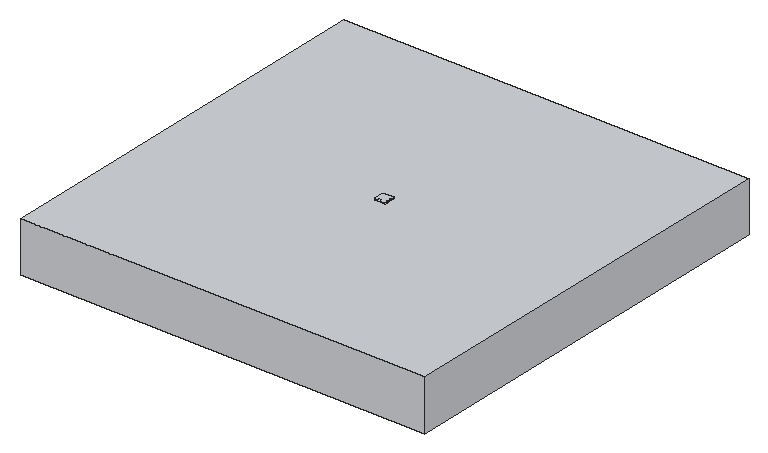
Revit family "Gira_540100rfa", category Allgemeines Modell, Revit 2017
Family settings
  Basisbauteil = Fläche
  Kann Basisbauteil für Bewehrung sein = Nein
  Bemaßung runder Anschluss = Durchmesser verwenden
  Teiletyp = Normal
  Beim Laden mit Abzugskörper schneiden = Nein
  Gemeinsam genutzt = Nein
  Raumberechnungspunkt = Nein
Parameters
  With memory function = no
  With glass breaking detector connection = no
  With brightness sensor connection = no
  With Astro program = no
  Default Elevation = 1219.2 mm
  URL = "https://www.gira.de/"
  Typname = "S3000 uni.LED dimm.ins. Komfort Insert"
  Type of load = "Universal and LED Retrofit"
  Type of fastening = "Mounting with claw and screw"
  Transparent = no
  Through loss at 860 MHz [B] = 0.1
  Through loss at 2150 MHz [B] = 0.1
  Switch-off protection = no
  Surface protection = "Other"
  Surface finishing = "Not applicable"
  Suitable for wind sensor = no
  Suitable for rain sensor = no
  Suitable for degree of protection (IP) = "IP20"
  Substation input = yes
  Shielded housing = no
  Shielded buses = yes
  Serial dimmer = no
  Separate strain relief = yes
  Random generator = no
  Productwebsite = "http://katalog.gira.de/en/datenblatt.html?artikelnr=540100"
  Nominal voltage [Volt] 3 = "[230:230]"
  Nominal voltage [Volt] 2 = "[230:230]"
  Nominal voltage [Volt] = 230
  Mounting method shielding connection = "Screw"
  Mounting method = "Flush mounted (plaster)"
  Model = "Loop-through socket"
  Method of operation = "Turn/push button"
  Mechanical coding = no
  Max. switching power [Voltampere] = 1000
  Material quality = "Other"
  Material = "Other"
  Light value memory = yes
  Integrated timer = no
  Hersteller = "Gira"
  Halogen free = no
  HAN = "540100"
  GTIN = "4010337048268"
  Frequency [Hz] = "[50:60]"
  Dimming phase cut-on = yes
  Dimming phase cut-off = yes
  Degree of protection (IP) = "IP20"
  Data sheet = "https://katalog.gira.de/en/download.html?artikelnr=540100"
  Connection type = "Screwed terminal"
  Colour = "Other"
  Category = "Other"
  Beschreibung = "S3000 Uni.LED dimm.ins.Kmf Ins.,System 3000 universal LED dimming insert Komfort,,,Features:,- Switching and dimming light bulbs, HV halogen lamps, electronic transformers for halogen or LED lamps, dimmable inductive transformers for halogen or LED lamps, HV LED or compact fluorescent lamps.,- Connecting auxiliary units is possible.,- Automatic or manual setting of dimming principle according to load (leading or trailing edge).,- Display of the selected operating mode using LED.,- Bulb-saving switch-on.,- Switch-on brightness can be saved permanently.,- Switch on with the last brightness set, or a saved switch-on brightness.,- Minimum brightness can be set.,- Electronic short-circuit protection.,- Electronic excess-temperature protection.,- Operation with and without neutral conductor connection.,,Notes :,- In general, operating the dimmer without connecting a neutral conductor is possible, although some LED and CFLi light sources require the neutral conductor connection to prevent flickering.,- For operation without a neutral conductor, the minimum load for light bulbs, HV halogen lamps, Gira Tronic transformers, and wound transformers increases to 50 W.,- Electronic transformers and ballast devices for LED lamps can be operated with the dimming procedure stated by the manufacturer.,- If the ambient temperature is higher than 25 C, the connected load must be reduced."
  BIM = "https://media.stage.bim.site/public/gira/290f3eb/Einsatz_1fach.rfa"
  Assembly arrangement = "Basic element"
  Applicable with transmission button = no
  Applicable with time switch/timer = no
  Applicable with presence indicator = no
  Applicable with movement sensor = no
  Applicable with infrared button = no
  Applicable with button = no
  App control via Bluetooth = no
Reference planes
  plane 1 "Center (Front/Back)": y = 0
  plane 2: z = 0
  plane 3 "Center (Left/Right)": x = 0
Forms (mm)
  Extrusion 1, solid
    sketch origin (0, 0, 0) x (1, 0, 0) y (0, 1, 0)
      loop
        line (-1219.2, 1219.2) -> (-1219.2, -1219.2) -> (1219.2, -1219.2) -> (1219.2, 1219.2) -> (-1219.2, 1219.2)
    from 0 to -304.8
  Extrusion 2, solid, detail levels fine
    sketch origin (0, 0, 0) x (1, 0, 0) y (0, 1, 0)
      loop
        line (27.475, 35.475) -> (-27.475, 35.475)
        arc (-27.475, 35.475) -> (-33.132, 33.132) -> (-35.475, 27.475) r 8
        line (-35.475, 27.475) -> (-35.475, -27.475)
        arc (-35.475, -27.475) -> (-33.132, -33.132) -> (-27.475, -35.475) r 8
        line (-27.475, -35.475) -> (27.475, -35.475)
        arc (27.475, -35.475) -> (33.132, -33.132) -> (35.475, -27.475) r 8
        line (35.475, -27.475) -> (35.475, 27.475)
        arc (35.475, 27.475) -> (33.132, 33.132) -> (27.475, 35.475) r 8
    from 0 to 1.8
  Extrusion 3, solid, detail levels fine
    sketch origin (0, 0, 0) x (1, 0, 0) y (0, 1, 0)
      loop
        line (9.678, 25.4) -> (-9.678, 25.4)
        arc (-9.678, 25.4) -> (-12.885, 24.922) -> (-15.814, 23.53) r 11
        arc (-15.814, 23.53) -> (-17.795, 22.07) -> (-19.641, 20.444) r 28.35
        arc (-19.641, 20.444) -> (-21.339, 18.665) -> (-22.876, 16.745) r 28.35
        arc (-22.876, 16.745) -> (-24.456, 13.666) -> (-25, 10.248) r 11
        line (-25, 10.248) -> (-25, -10.248)
        arc (-25, -10.248) -> (-24.456, -13.666) -> (-22.876, -16.745) r 11
        arc (-22.876, -16.745) -> (-20.409, -19.677) -> (-17.569, -22.25) r 28.35
        line (-17.569, -22.25) -> (17.569, -22.25)
        arc (17.569, -22.25) -> (20.409, -19.677) -> (22.876, -16.745) r 28.35
        arc (22.876, -16.745) -> (24.456, -13.666) -> (25, -10.248) r 11
        line (25, -10.248) -> (25, 10.248)
        arc (25, 10.248) -> (24.456, 13.666) -> (22.876, 16.745) r 11
        arc (22.876, 16.745) -> (21.593, 18.37) -> (20.195, 19.897) r 28.35
        arc (20.195, 19.897) -> (18.096, 21.823) -> (15.814, 23.53) r 28.35
        arc (15.814, 23.53) -> (12.885, 24.922) -> (9.678, 25.4) r 11
    from 0 to -22
  Extrusion 4, solid, detail levels medium
    sketch origin (0, 0, 0) x (1, 0, 0) y (0, 1, 0)
      loop
        line (-25, 25.4) -> (-25, -22.25) -> (25, -22.25) -> (25, 25.4) -> (-25, 25.4)
    from 0 to -22
  Extrusion 5, solid, detail levels coarse
    sketch origin (0, 0, 0) x (1, 0, 0) y (0, 1, 0)
      loop
        line (35.475, 35.475) -> (-35.475, 35.475) -> (-35.475, -35.475) -> (35.475, -35.475) -> (35.475, 35.475)
    from -22 to 1.8
  Extrusion 6, solid, detail levels medium
    sketch origin (0, 0, 0) x (1, 0, 0) y (0, 1, 0)
      loop
        line (35.475, 35.475) -> (-35.475, 35.475) -> (-35.475, -35.475) -> (35.475, -35.475) -> (35.475, 35.475)
    from 0 to 1.8
Dimensions and locks
  aligned and locked: plane 2 to Extrusion 1
  aligned and locked: level to Extrusion 1
Connectors
  electrical at (0, 0, -22)
    settings: on Extrusion 5, index 1, voltage 220 V, apparent load 0 VA, apparent load phase1 0 VA, apparent load phase2 0 VA, apparent load phase3 0 VA, power factor 1, load classification "Other", number of poles 1, system type 30, power factor state 1, is connector primary yes, connector utility no, sub classification motor no, connector description ""
